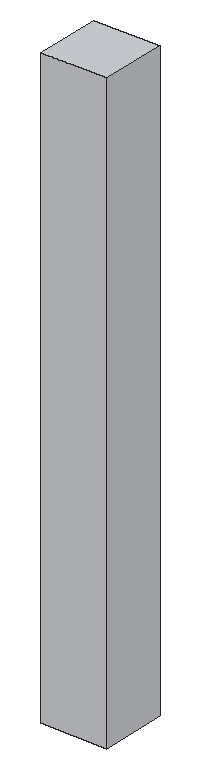
Revit family "Square (2)", category 난간동자, Revit 2026
Family settings
  항상 수직 = 예
  로드될 때 보이드를 사용하여 절단 = 아니오
  공유 = 아니오
Parameters (values of type "100mm")
  built-in parameter 1008623 [instance] = (empty or 0)
  built-in parameter 1008625 [instance] = (empty or 0)
  Post Material = none
  Width = 100 mm
  Post = yes
  built-in parameter 1008624 [instance] = (empty or 0)
  built-in parameter 1008622 [instance] = 915 mm
Types (5, lengths in mm): name | Width
  (no name) | 100
  30mm | 30
  60mm | 60
  100mm | 100
  150mm | 150
Reference planes
  plane 1 "Center (Front/Back)": y = 0
  plane 2: z = 0
  plane 3 "Center (Left/Right)": x = 0
  plane 4 "Top": z = 915
Forms (mm)
  Extrusion 1, solid, material <- "Post Material"
    sketch origin (0, 0, 0) x (1, 0, 0) y (0, 1, 0)
      loop
        line (-50, 50) -> (-50, -50) -> (50, -50) -> (50, 50) -> (-50, 50)
    from 0 to 915
Dimensions and locks
  "built-in parameter 1008622": plane 2 to plane 4 "Top"
  equal spacing: Extrusion 1 sketch curve, plane 3 "Center (Left/Right)", Extrusion 1 sketch curve
  equal spacing: Extrusion 1 sketch curve, plane 1 "Center (Front/Back)", Extrusion 1 sketch curve
  "Width": Extrusion 1 sketch curve to Extrusion 1 sketch curve  (x2)
  aligned and locked: Extrusion 1 to level
  aligned and locked: Extrusion 1 to plane 4 "Top"
